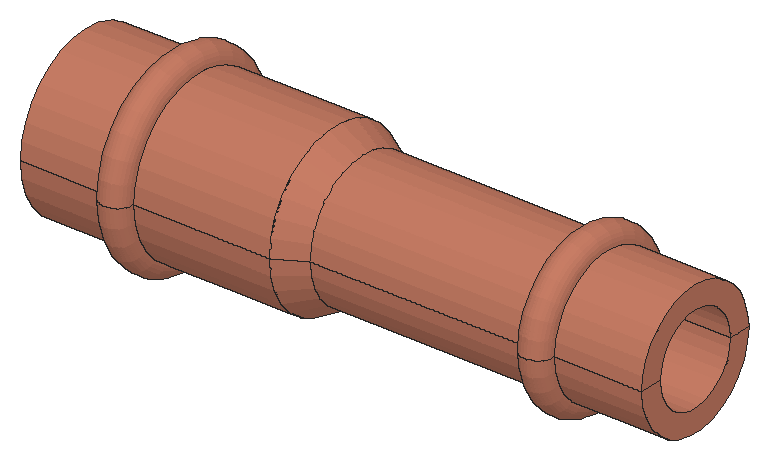
Revit family "Pipefitting_IBP_Conex_MaxiPro_ReducingStraightCoupler_MP5240", category Pipe Fittings, Revit 2019
Family settings
  Round Connector Dimension = Use Diameter
  Part Type = Transition
  OmniClass Number = 23.65.00.00
  OmniClass Title = Supply and Distribution of Liquids and Gases
  Work Plane-Based = No
  Always vertical = No
  Cut with Voids When Loaded = No
  Shared = No
Parameters (values of type "MP5240 0030200 3/8" x 1/4"")
  _DistributedBy = "www.bimmepaus.com.au/"
  _CurrentRevision = 1  # constant formula
  _CreatedBy = "technical@ibpgroup.com"
  _BimstoreBibleVersion = "14"  # constant formula
  _BimSpecGuid = 0  # constant formula
  _AuthorisedBy = ""
  _Author = "Luke Brown"  # constant formula
  Weight = 0.00 kg
  WarrantyStartDate [instance] = "Please Record On Commissioning."
  WarrantyGuarantorParts = "technical@ibpgroup.com"  # constant formula
  WarrantyGuarantorLabor = "technical@ibpgroup.com"  # constant formula
  WarrantyDurationMonths = 60  # constant formula
  WarrantyDescription = "Product Guarantee"  # constant formula
  URL = "http://www.conexbanninger.com/"
  Type Comments = "3/8\" x 1/2\""
  TubeStop1_Formula = A_OverallLength - TubeStop1  # 26 mm
  TubeStop1 = 18 mm
  TubeStop = 18 mm
  SurfaceFinish = "Natural"  # constant formula
  SpareParts = "n/a"
  Size = Type Comments  # "3/8\" x 1/2\""
  Shape = "Cylindrical"  # constant formula
  SerialNumber [instance] = "Please Record On Commissioning."
  SealType = "HNBR"
  ReplacementCost = "n/a"
  RefrigerantType = ""
  RefrigerantSafetyClass = ""
  RefrigerantCircuitNumber = ""
  ReferencedStandard = "n/a"
  ProductionYear = "n/a"  # constant formula
  ProductCode = Model  # "MP5240 0030200"
  PressJawCompatability = "MaxiPro Jaws supplied by Rothenberger"  # constant formula
  PipeConnectorType = "Press x Press"  # constant formula
  OperatingMaintenanceManual = ""
  ORingTemperatureRange = "-40°C to 140°C"  # constant formula
  OD1 = 8 mm
  OD = 11.9 mm
  NominalLength = 0 mm  # constant formula
  NominalHeight = 0 mm  # constant formula
  NominalDepth = 0 mm  # constant formula
  NBSReference = "90-10-65/315"  # constant formula
  NBSOfficeMasterTag = "n/a"  # constant formula
  NBSObjectName = "IBP - Copper pipeline fittings"  # constant formula
  NBSNote = "n/a"  # constant formula
  NBSDescription = "Copper pipeline fittings"  # constant formula
  ModelReference = Type Comments  # "3/8\" x 1/2\""
  ModelNumber = Model  # "MP5240 0030200"
  Model = "MP5240 0030200"
  MaxHydrostaticPressure = 48 bar
  MaterialType = "Refrigerant Grade Copper, C12200"  # constant formula
  Material = Copper, C12200
  ManufacturerName = "IBP"  # constant formula
  Manufacturer = "Conex Banninger"  # constant formula
  Length = A_OverallLength  # 44 mm
  L2_BeadLocation_Right_Formula = A_OverallLength - L2_BeadLocation_Right  # 36.5 mm
  L2_BeadLocation_Right = 7.5 mm
  L2_BeadLocation_Left = 7 mm
  Keynote = "S"  # constant formula
  InstallationDate [instance] = "Please Record On Commissioning."
  IfcExportType = "IfcPipeFittingType"  # constant formula
  IfcExportAs = "IfcPipeFitting"  # constant formula
  Grade = "n/a"
  FluidTemperatureMin = 273.15 °C - 40 °C + -273.15 °C  # -40 °C
  FluidTemperatureMax = 121 °C  # constant formula
  FittingType = Description  # "Reducing Straight Coupler"
  Features = "n/a"
  ExpectedServiceLifeYears = 25  # constant formula
  DocumentationTechnical = ""
  DocumentationLiterature = ""
  DocumentationInstallationGuide = ""
  DocumentationCertificates = ""
  Description = "Reducing Straight Coupler"  # constant formula
  DN1 = 6.4 mm
  DN = 9.6 mm
  CreatedOn = " "
  CreatedBy = "technical@ibpgroup.com"  # constant formula
  Contact = "technical@ibpgroup.com"  # constant formula
  Constituents = "n/a"
  Colour = "n/a"  # constant formula
  CodePerformance = "n/a"
  ClassificationValue = "Pr_65_52_63_18"  # constant formula
  ClassificationName = "Uniclass2015"  # constant formula
  Bead_Dia1 = 2.3 mm
  Bead_Dia = 2.3 mm
  Barcode [instance] = "Please Record On Commissioning."
  BIMObjectName = "PipefittingP_IBP_Conex_MaxiPro_ReducingStraightcoupler_MP5240"  # constant formula
  AssetType = "Fixed"  # constant formula
  AssetIdentifier [instance] = "Please Record On Commissioning."
  Assembly Code = "D20"
  Application = "Air conditioning & refrigeration"  # constant formula
  Angle = 30.00°
  AccessibilityPerformance = "n/a"
  A_OverallLength = 44 mm
Types (15, lengths in mm): name | Type Comments | TubeStop1_Formula | TubeStop1 | TubeStop | Size | ProductCode | OD1 | OD | ModelReference | ModelNumber | Model | Length | L2_BeadLocation_Right_Formula | L2_BeadLocation_Right | L2_BeadLocation_Left | DN1 | DN | Bead_Dia1 | Bead_Dia | A_OverallLength
  MP5240 0030200 3/8" x 1/4" | "3/8\" x 1/2\"" | 26 | 18 | 18 | "3/8\" x 1/2\"" | "MP5240 0030200" | 8 | 11.9 | "3/8\" x 1/2\"" | "MP5240 0030200" | "MP5240 0030200" | 44 | 36.5 | 7.5 | 7 | 6.4 | 9.6 | 2.3 | 2.3 | 44
  MP5240 0040300 1/2" x 3/8" | "1/2\" x 3/8\"" | 23.5 | 18.5 | 18 | "1/2\" x 3/8\"" | "MP5240 0040300" | 11.9 | 15.8 | "1/2\" x 3/8\"" | "MP5240 0040300" | "MP5240 0040300" | 42 | 35 | 7 | 7 | 9.6 | 12.8 | 2.3 | 2.5 | 42
  MP5240 0050300 3/8" x 5/8" | "3/8\" x 5/8\"" | 29.5 | 18 | 22 | "3/8\" x 5/8\"" | "MP5240 0050300" | 11.9 | 19.4 | "3/8\" x 5/8\"" | "MP5240 0050300" | "MP5240 0050300" | 47.5 | 40.5 | 7 | 8 | 9.6 | 16 | 2.3 | 2.7 | 47.5
  MP5240 0050400 1/2" x 5/8" | "3/8\" x 5/8\"" | 29.5 | 18 | 21 | "3/8\" x 5/8\"" | "MP5240 0050300" | 15.8 | 19.4 | "3/8\" x 5/8\"" | "MP5240 0050300" | "MP5240 0050300" | 47.5 | 40.5 | 7 | 8 | 12.8 | 16 | 2.3 | 2.7 | 47.5
  MP5240 0060300 3/8" x 3/4" | "3/8\" x 3/4\"" | 33 | 18 | 22 | "3/8\" x 3/4\"" | "MP5240 0060300" | 11.9 | 22.4 | "3/8\" x 3/4\"" | "MP5240 0060300" | "MP5240 0060300" | 51 | 44 | 7 | 8 | 9.6 | 19.2 | 2.3 | 2.8 | 51
  MP5240 0060400 1/2" x 3/4" | "1/2\" x 3/4\"" | 28.5 | 17.5 | 22 | "1/2\" x 3/4\"" | "MP5240 0060400" | 15.4 | 22.4 | "1/2\" x 3/4\"" | "MP5240 0060400" | "MP5240 0060400" | 46 | 39 | 7 | 10 | 12.8 | 19.2 | 2.5 | 2.8 | 46
  MP5240 0060500 5/8" x 3/4" | "5/8\" x 3/4\"" | 31 | 21 | 22 | "5/8\" x 3/4\"" | "MP5240 0060500" | 19 | 22 | "5/8\" x 3/4\"" | "MP5240 0060500" | "MP5240 0060500" | 52 | 44 | 8 | 10 | 16 | 19.2 | 2.7 | 2.8 | 52
  MP5240 0070400 1/2" x 7/8" | "1/2\" x 7/8\"" | 34.5 | 17.5 | 24 | "1/2\" x 7/8\"" | "MP5240 0070400" | 15.4 | 25.5 | "1/2\" x 7/8\"" | "MP5240 0070400" | "MP5240 0070400" | 52 | 45 | 7 | 10 | 12.8 | 22.4 | 2.5 | 3.3 | 52
  MP5240 0070500 5/8" x 7/8" | "5/8\" x 7/8\"" | 31 | 21 | 24 | "5/8\" x 7/8\"" | "MP5240 0070500" | 19 | 25.5 | "5/8\" x 7/8\"" | "MP5240 0070500" | "MP5240 0070500" | 52 | 44 | 8 | 10 | 16 | 22.4 | 2.5 | 3.3 | 52
  MP5240 0070600 3/4" x 7/8" | "3/4\" x 7/8\"" | 30 | 22 | 24 | "3/4\" x 7/8\"" | "MP5240 0070600" | 22 | 25.5 | "3/4\" x 7/8\"" | "MP5240 0070600" | "MP5240 0070600" | 52 | 42 | 10 | 10 | 19.2 | 22.4 | 2.8 | 3.3 | 52
  MP5240 0080600 3/4" x 1" | "3/4\" x 1\"" | 29 | 22 | 23.5 | "3/4\" x 1\"" | "MP5240 0080600" | 22 | 29 | "3/4\" x 1\"" | "MP5240 0080600" | "MP5240 0080600" | 51 | 41 | 10 | 10.2 | 19.2 | 25.6 | 2.8 | 3 | 51
  MP5240 0090500 5/8" x 1 1/8" | "5/8\" x 1 1/8\"" | 34 | 21 | 25.5 | "5/8\" x 1 1/8\"" | "MP5240 0090500" | 19.4 | 32 | "5/8\" x 1 1/8\"" | "MP5240 0090500" | "MP5240 0090500" | 55 | 47 | 8 | 10.2 | 16 | 28.8 | 2.7 | 3 | 55
  MP5240 0090600 3/4" x 1 1/8" | "3/4\" x 1 1/8\"" | 33 | 22 | 25.5 | "3/4\" x 1 1/8\"" | "MP5240 0090600" | 22 | 32 | "3/4\" x 1 1/8\"" | "MP5240 0090600" | "MP5240 0090600" | 55 | 45 | 10 | 10.2 | 19.2 | 28.8 | 2.8 | 3.3 | 55
  MP5240 0090700 7/8" x 1 1/8" | "7/8\" x 1 1/8\"" | 34 | 24 | 25.5 | "7/8\" x 1 1/8\"" | "MP5240 0090700" | 25.4 | 32 | "7/8\" x 1 1/8\"" | "MP5240 0090700" | "MP5240 0090700" | 58 | 48 | 10 | 10.2 | 22.4 | 28.8 | 3.3 | 3.3 | 58
  MP5240 0090800 1" x 1 1/8" | "1\" x 1 1/8\"" | 34.5 | 23.5 | 25.5 | "1\" x 1 1/8\"" | "MP5240 0090800" | 28.8 | 32 | "1\" x 1 1/8\"" | "MP5240 0090800" | "MP5240 0090800" | 58 | 48 | 10 | 10.2 | 25.6 | 28.8 | 3.3 | 3.3 | 58
Reference planes
  plane 1 "Center (Front/Back)": y = 0
  plane 2: z = 0
  plane 3 "Center (Left/Right)": x = 0
  plane 4: x = 44
  plane 5: y = 4.8
  plane 6: y = -4.8
  plane 7: y = 3.2
  plane 8: y = -3.2
  plane 9: x = 36.5
  plane 10: x = 7
  plane 11 "Right_TubeStop": x = 26
  plane 12 "Left_TubeStop": x = 18
  plane 13: y = 5.95
  plane 14: y = -5.95
  plane 15: y = 4
  plane 16: y = -4
Forms (mm)
  Revolve 1, solid, material "Copper, C12200" <- "Material", detail levels fine
    sketch origin (0, 0, 0) x (1, 0, 0) y (0, 1, 0)
      loop
        line (5.85, 5.95) -> (0, 5.95) -> (0, 4.8) -> (18, 4.8) -> (18, 3.2) -> (44, 3.2) -> (44, 4.8) -> (37.65, 4.8)
        arc (37.65, 4.8) -> (36.5, 5.95) -> (35.35, 4.8) r 1.15
        line (35.35, 4.8) -> (19.992, 4.8) -> (18, 5.95) -> (8.15, 5.95)
        arc (8.15, 5.95) -> (7, 7.1) -> (5.85, 5.95) r 1.15
      axis (0, 0) -> (44, 0)
    angle from 0 to 360
Dimensions and locks
  "A_OverallLength": plane 3 "Center (Left/Right)" to plane 4
  "DN": plane 6 to plane 5
  equal spacing: plane 5, plane 1 "Center (Front/Back)", plane 6
  equal spacing: plane 8, plane 1 "Center (Front/Back)", plane 7
  "DN1": plane 8 to plane 7
  "L2_BeadLocation_Left": plane 3 "Center (Left/Right)" to plane 10
  "L2_BeadLocation_Right_Formula": plane 3 "Center (Left/Right)" to plane 9
  equal spacing: plane 14, plane 1 "Center (Front/Back)", plane 13
  "OD": plane 14 to plane 13
  equal spacing: plane 16, plane 1 "Center (Front/Back)", plane 15
  "OD1": plane 16 to plane 15
  "TubeStop": plane 3 "Center (Left/Right)" to plane 12 "Left_TubeStop"
  "TubeStop1_Formula": plane 3 "Center (Left/Right)" to plane 11 "Right_TubeStop"
  "Bead_Dia": diameter of Revolve 1 sketch curve
  "Bead_Dia1": diameter of Revolve 1 sketch curve
  "Angle": angle Revolve 1 sketch curve to Revolve 1 sketch curve
  aligned and locked: level to plane 2
  aligned and locked: plane 3 "Center (Left/Right)" to nested 1
Automatic sketch dimensions
  Revolve 1 sketch curve to plane 3 "Center (Left/Right)" = 0 mm
  Revolve 1 sketch curve to plane 13 = 0 mm
  Revolve 1 sketch curve to plane 10 = 0 mm
  Revolve 1 sketch curve to plane 12 "Left_TubeStop" = 0 mm  (x2)
  Revolve 1 sketch curve to plane 5 = 0 mm  (x2)
  plane 1 "Center (Front/Back)" to Revolve 1 sketch curve = 0 mm
  Revolve 1 sketch curve to plane 11 "Right_TubeStop" = 0 mm
  Revolve 1 sketch curve to plane 9 = 0 mm
  Revolve 1 sketch curve to plane 4 = 0 mm
  Revolve 1 sketch curve to plane 7 = 0 mm
  plane 4 to Revolve 1 sketch curve = 15.058 mm
Nested families
  nested 1: "Reducer" at (22, 0, 0), type "Reducer", detail levels coarse+medium
Connectors
  piping at (26, 0, 0), diameter 6.4, driven by "DN1"
    settings: index 1, connector inside diameter 609.6 mm, connector length 0 mm, flow factor 0, pipe flow 0.0 L/s, pressure drop 0 bar, fitting loss kfactor 0, connector angle 0.00°, fixture units 0, engagement length 0 mm, angle of deflection 0.00°, flow configuration 0, flow direction 0, fitting loss method 0, system type 7, joint type 0, gender type 0, connector reference index -1, connector utility 0, adjustable connector no, is connector primary yes, connector description ""
  piping at (18, 0, 0), diameter 9.6, driven by "DN"
    settings: index 2, connector inside diameter 609.6 mm, connector length 0 mm, flow factor 0, pipe flow 0.0 L/s, pressure drop 0 bar, fitting loss kfactor 0, connector angle 0.00°, fixture units 0, engagement length 0 mm, angle of deflection 0.00°, flow configuration 0, flow direction 0, fitting loss method 0, system type 7, joint type 0, gender type 0, connector reference index -1, connector utility 0, adjustable connector no, is connector primary no, connector description ""
Definition of nested family "Reducer"
  Parameters (values of type "Reducer")
    Weight = "0"
    Website = "http://www.conexbanninger.com/"
    Short Code = ""
    Right_Line = 8.7 mm
    Profile 67-108mm = "M Profile"
    Profile 15-54mm = ">B< Profile"
    Primary Material = none
    Order Code (JDE) = ""
    Minimum Temperature = -35 °C
    Maximum Temperature = 110 °C
    Max Hydrostatic Pressure = 16 bar
    Manufacturer = "Conex Banninger"
    Left_Line = 20.88 mm
    Hyperlink - Installation Guide = "http://www.conexbanninger.com/uploads/14169915304850175107cafd3550f0c11e86dc65.pdf"
    Hyperlink - Data Sheet = "http://www.conexbanninger.com/uploads/16c789a15d34158287a83230e6c3209f143449ab.pdf"
    End Connection = "Press x Press"
    Description = ""
    Contact = "technical@ibpgroup.com"
    Hyperlink - B Press Tooling Compatability = "http://www.conexbanninger.com/uploads/7b0e8ab59d5d21af8cc623b0402734723dcd325b.pdf"
    Author = "Luke Brown"
    Hyperlink - Approvals = "http://www.conexbanninger.com/uploads/054a2f5de9a7dffd4882b29baab5d8baca1922bd.pdf"
    Applications - Sanitary Water = yes
    Applications - Heating and Chilled Water Systems = yes
    Applications - Drinking Water = yes
    Applications - Compressed Air (Oil Free) = yes
    Annotation_Width = 17.4 mm
    Annotation_Length = 55 mm
  Reference planes
    plane 1 "Center (Front/Back)": y = 0
    plane 2: z = 0
    plane 3 "Center (Left/Right)": x = 0
    plane 4: x = -27.5
    plane 5: x = 27.5
    plane 6: y = 8.7
    plane 7: y = -8.7
    plane 8: y = 4.35
    plane 9: y = -4.35
    plane 10: y = 10.44
    plane 11: y = -10.44
  Lines and regions (mm)
    model lines
      curve 1: line (-27.5, 8.7, 0) -> (27.5, 0, 0)
      curve 2: line (27.5, 0, 0) -> (-27.5, -8.7, 0)
      curve 3: line (-27.5, -8.7, 0) -> (-27.5, 8.7, 0)
      curve 4: line (27.5, 4.35, 0) -> (27.5, -4.35, 0)
      curve 5: line (-27.5, 10.44, 0) -> (-27.5, -10.44, 0)
  Dimensions and locks
    equal spacing: plane 4, plane 3 "Center (Left/Right)", plane 5
    "Annotation_Length": plane 4 to plane 5
    equal spacing: plane 6, plane 1 "Center (Front/Back)", plane 7
    "Annotation_Width": plane 7 to plane 6
    equal spacing: plane 8, plane 1 "Center (Front/Back)", plane 9
    "Right_Line": plane 8 to plane 9
    equal spacing: plane 10, plane 1 "Center (Front/Back)", plane 11
    "Left_Line": plane 10 to plane 11
    aligned and locked: level to plane 2
  Automatic sketch dimensions
    curve 1 to plane 4 = 0 mm
    curve 5 to plane 4 = 0 mm
    curve 4 to plane 5 = 0 mm
    curve 5 to plane 11 = 0 mm
    plane 7 to curve 3 = 0 mm
    curve 4 to plane 9 = 0 mm
    plane 1 "Center (Front/Back)" to curve 2 = 0 mm
    curve 4 to plane 8 = 0 mm
    curve 3 to plane 6 = 0 mm
    curve 5 to plane 10 = 0 mm
